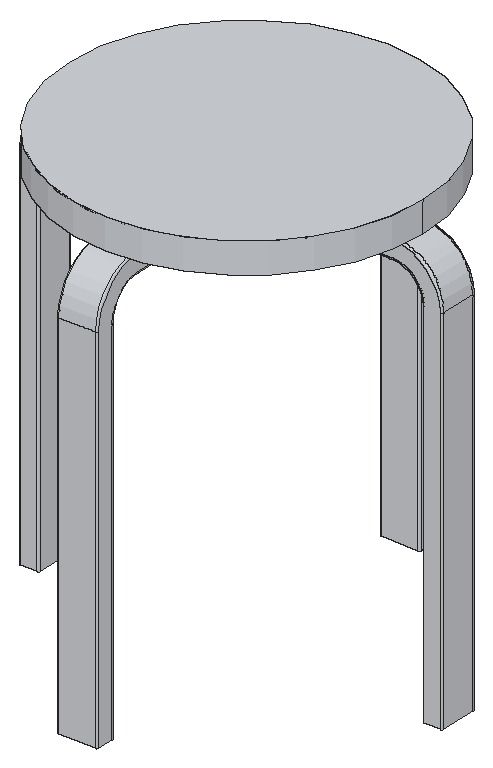
Revit family
Parameters (values of type "420 x 420mm")
  URL = ""
  Model = ""
  Material = none
  Manufacturer = "Revit"
  Description = "Stool"
  Assembly Code = ""
Reference planes
  plane 1 "Center (Front/Back)": y = 0
  plane 2: z = 0
  plane 3 "Center (Left/Right)": x = 0
  plane 4: x = -210
  plane 5: x = 210
Forms (mm)
  Sweep 1, solid, material <- "Material"
    path origin (0, 0, 0) x (1, 0, 0) y (0, 0, 1)
      loop
        line (-210, 0) -> (-210, 370)
        arc (-210, 370) -> (-195.355, 405.355) -> (-160, 420) r 50
        line (-160, 420) -> (-54.964, 420)
    profile origin (0, 0, 185) x (-1, 0, 0) y (0, -1, 0)
      loop
        arc (208, -20) -> (209.414, -19.414) -> (210, -18) r 2
        line (210, -18) -> (210, 18)
        arc (210, 18) -> (209.414, 19.414) -> (208, 20) r 2
        line (208, 20) -> (192, 20)
        arc (192, 20) -> (190.586, 19.414) -> (190, 18) r 2
        line (190, 18) -> (190, -18)
        arc (190, -18) -> (190.586, -19.414) -> (192, -20) r 2
        line (192, -20) -> (208, -20)
  Extrusion 2, solid, material <- "Material"
    sketch origin (0, 0, 420) x (1, 0, 0) y (0, 1, 0)
      loop
        circle (0, 0) r 175
    from 0 to 30
  Sweep 3, solid, material <- "Material"
    path origin (0, 0, 0) x (-1, 0, 0) y (0, 0, -1)
      loop
        line (-210, 0) -> (-210, -370)
        arc (-210, -370) -> (-195.355, -405.355) -> (-160, -420) r 50
        line (-160, -420) -> (-54.964, -420)
    profile origin (0, 0, 185) x (0, -1, 0) y (1, 0, 0)
      loop
        line (-20, 208) -> (-20, 192)
        arc (-20, 192) -> (-19.414, 190.586) -> (-18, 190) r 2
        line (-18, 190) -> (18, 190)
        arc (18, 190) -> (19.414, 190.586) -> (20, 192) r 2
        line (20, 192) -> (20, 208)
        arc (20, 208) -> (19.414, 209.414) -> (18, 210) r 2
        line (18, 210) -> (-18, 210)
        arc (-18, 210) -> (-19.414, 209.414) -> (-20, 208) r 2
  Sweep 4, solid, material <- "Material"
    path origin (0, 0, 0) x (0, 1, 0) y (0, 0, 1)
      loop
        line (-210, 0) -> (-210, 370)
        arc (-210, 370) -> (-195.355, 405.355) -> (-160, 420) r 50
        line (-160, 420) -> (-54.964, 420)
    profile origin (0, 0, 185) x (0, -1, 0) y (1, 0, 0)
      loop
        arc (208, -20) -> (209.414, -19.414) -> (210, -18) r 2
        line (210, -18) -> (210, 18)
        arc (210, 18) -> (209.414, 19.414) -> (208, 20) r 2
        line (208, 20) -> (192, 20)
        arc (192, 20) -> (190.586, 19.414) -> (190, 18) r 2
        line (190, 18) -> (190, -18)
        arc (190, -18) -> (190.586, -19.414) -> (192, -20) r 2
        line (192, -20) -> (208, -20)
  Sweep 5, solid, material <- "Material"
    path origin (0, 0, 0) x (0, -1, 0) y (0, 0, -1)
      loop
        line (-210, 0) -> (-210, -370)
        arc (-210, -370) -> (-195.355, -405.355) -> (-160, -420) r 50
        line (-160, -420) -> (-54.964, -420)
    profile origin (0, 0, 185) x (1, 0, 0) y (0, 1, 0)
      loop
        line (-20, 208) -> (-20, 192)
        arc (-20, 192) -> (-19.414, 190.586) -> (-18, 190) r 2
        line (-18, 190) -> (18, 190)
        arc (18, 190) -> (19.414, 190.586) -> (20, 192) r 2
        line (20, 192) -> (20, 208)
        arc (20, 208) -> (19.414, 209.414) -> (18, 210) r 2
        line (18, 210) -> (-18, 210)
        arc (-18, 210) -> (-19.414, 209.414) -> (-20, 208) r 2
Lines and regions (mm)
  symbolic lines
    curve 1: arc (175, 0, 0) -> (0, 175, 0) -> (-175, 0, 0) r 175
    curve 2: arc (-175, 0, 0) -> (0, -175, 0) -> (175, 0, 0) r 175
    curve 3: line (-20.033, 173.85, 0) -> (-20.033, 207.916, 0)
    curve 4: line (-18.033, 209.916, 0) -> (17.967, 209.916, 0)
    curve 5: line (19.967, 207.916, 0) -> (19.967, 173.857, 0)
    curve 6: arc (-20.033, 207.916, 0) -> (-19.447, 209.33, 0) -> (-18.033, 209.916, 0) r 2
    curve 7: arc (17.967, 209.916, 0) -> (19.381, 209.33, 0) -> (19.967, 207.916, 0) r 2
    curve 8: line (-20.033, -173.85, 0) -> (-20.033, -207.916, 0)
    curve 9: line (-18.033, -209.916, 0) -> (17.967, -209.916, 0)
    curve 10: line (19.967, -207.916, 0) -> (19.967, -173.857, 0)
    curve 11: arc (-20.033, -207.916, 0) -> (-19.447, -209.33, 0) -> (-18.033, -209.916, 0) r 2
    curve 12: arc (17.967, -209.916, 0) -> (19.381, -209.33, 0) -> (19.967, -207.916, 0) r 2
    curve 13: line (-173.883, -20, 0) -> (-207.949, -20, 0)
    curve 14: line (-209.949, -18, 0) -> (-209.949, 18, 0)
    curve 15: line (-207.949, 20, 0) -> (-173.89, 20, 0)
    curve 16: arc (-207.949, -20, 0) -> (-209.363, -19.414, 0) -> (-209.949, -18, 0) r 2
    curve 17: arc (-209.949, 18, 0) -> (-209.363, 19.414, 0) -> (-207.949, 20, 0) r 2
    curve 18: line (173.816, -20, 0) -> (207.883, -20, 0)
    curve 19: line (209.883, -18, 0) -> (209.883, 18, 0)
    curve 20: line (207.883, 20, 0) -> (173.824, 20, 0)
    curve 21: arc (207.883, -20, 0) -> (209.297, -19.414, 0) -> (209.883, -18, 0) r 2
    curve 22: arc (209.883, 18, 0) -> (209.297, 19.414, 0) -> (207.883, 20, 0) r 2
